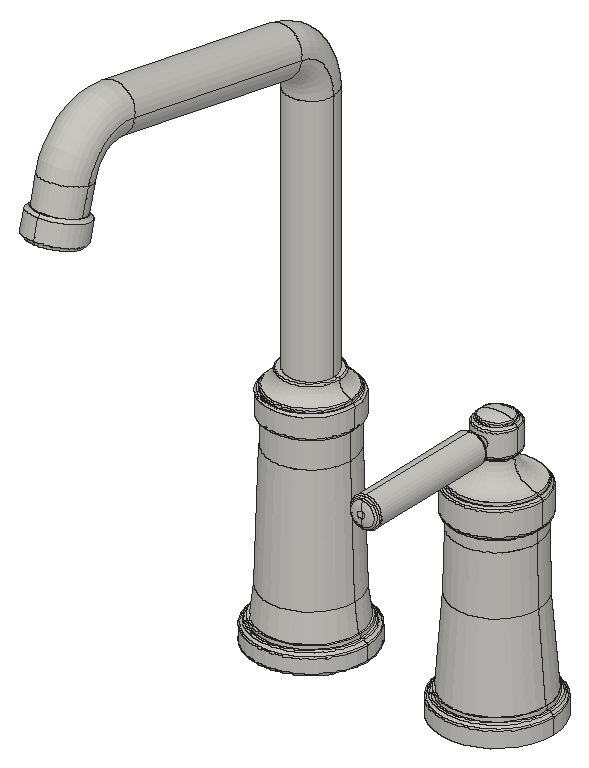
Revit family "Faucet-Bar-KALLISTA-Quincy-P25005", category Plumbing Fixtures, host Face, Revit 2022 (continued)
Definition of nested family "P25005_Handle"
  Forms (in)
    Revolve 1, solid, material <- "Material", detail levels medium+fine
      sketch origin (0, 0, 0) x (1, 0, 0) y (0, 0, 1)
        loop
          line (-0.97447, 4.40538) -> (-0.97447, 3.91465)
          arc (-0.97447, 3.91465) -> (-0.96954, 3.89908) -> (-0.95656, 3.88918) r 0.02707
          arc (-0.95656, 3.88918) -> (-0.93116, 3.86981) -> (-0.92152, 3.83935) r 0.05294
          line (-0.92152, 3.83935) -> (-0.88123, 3.83935) -> (-0.88123, 3.58149)
          arc (-0.88123, 3.58149) -> (-0.8876, 2.9511) -> (-0.9067, 2.32096) r 31.20412
          arc (-0.9067, 2.32096) -> (-0.96019, 1.41158) -> (-1.04699, 0.50477) r 24.83335
          line (-1.04699, 0.50477) -> (-1.07847, 0.50477) -> (-1.07847, 0.43478) -> (-1.13091, 0.43478)
          arc (-1.13091, 0.43478) -> (-1.14561, 0.42984) -> (-1.15436, 0.41705) r 0.02438
          arc (-1.15436, 0.41705) -> (-1.17191, 0.38366) -> (-1.20144, 0.3602) r 0.09147
          arc (-1.20144, 0.3602) -> (-1.21389, 0.34881) -> (-1.2185, 0.33259) r 0.03087
          line (-1.2185, 0.33259) -> (-1.2185, 0) -> (0, 0)
        axis (0, 0) -> (0, 5.82283)
      angle from 0 to 360
    Revolve 2, solid, material <- "Material", detail levels medium+fine
      sketch origin (0, 0, 0) x (0, 1, 0) y (0, 0, 1)
        loop
          line (-3.6378, 5.40453) -> (-0.26896, 5.40453) -> (-0.26896, 5.5412)
          arc (-0.26896, 5.5412) -> (-0.46628, 5.54328) -> (-0.62954, 5.65413) r 0.34164
          arc (-0.62954, 5.65413) -> (-0.64381, 5.66537) -> (-0.66153, 5.66937) r 0.04118
          line (-0.66153, 5.66937) -> (-0.69811, 5.66937) -> (-0.69811, 5.711)
          arc (-0.69811, 5.711) -> (-0.70406, 5.72537) -> (-0.71843, 5.73133) r 0.02032
          line (-0.71843, 5.73133) -> (-3.50936, 5.73133)
          arc (-3.50936, 5.73133) -> (-3.52681, 5.72739) -> (-3.54087, 5.71634) r 0.0406
          arc (-3.54087, 5.71634) -> (-3.55856, 5.69832) -> (-3.5793, 5.68392) r 0.13488
          arc (-3.5793, 5.68392) -> (-3.59242, 5.67342) -> (-3.60152, 5.6593) r 0.05218
          arc (-3.60152, 5.6593) -> (-3.62863, 5.57411) -> (-3.6378, 5.48518) r 0.43604
          line (-3.6378, 5.48518) -> (-3.6378, 5.40453)
        axis (-0.26896, 5.40453) -> (-3.6378, 5.40453)
      angle from 0 to 360
    Revolve 3, solid, material <- "Material", detail levels coarse
      sketch origin (0, 0, 0) x (1, 0, 0) y (0, 0, 1)
        loop
          line (0, 0) -> (0, 5.82283) -> (-0.46373, 5.82283) -> (-0.46373, 5.05682) -> (-0.36354, 5.05682)
          arc (-0.36354, 5.05682) -> (-0.49921, 4.655) -> (-0.88731, 4.48398) r 0.52588
          line (-0.88731, 4.48398) -> (-0.98481, 4.48398) -> (-0.98481, 3.83935) -> (-0.88123, 3.83935) -> (-1.05887, 0.50793) -> (-1.2185, 0.50793) -> (-1.2185, 0) -> (0, 0)
        axis (0, 0) -> (0, 5.82283)
      angle from 0 to 360
    Revolve 4, solid, material <- "Material", detail levels coarse
      sketch origin (0, 0, 0) x (0, 1, 0) y (0, 0, 1)
        loop
          line (0, 5.37992) -> (0, 5.72831) -> (-3.6378, 5.72831) -> (-3.6378, 5.37992) -> (0, 5.37992)
        axis (0, 5.37992) -> (-3.6378, 5.37992)
      angle from 0 to 360
    Extrusion 5, solid, material <- "Material", detail levels medium+fine
      sketch origin (0, 0, 0) x (1, 0, 0) y (0, 1, 0)
        loop
          circle (-0.58244, 0) r 0.07874
        loop
          circle (0.58244, 0) r 0.07874
      from 0 to 0.10391
  Cuts and joins
    joined: Revolve 3, Revolve 4
  Lines and regions (in)
    Masking region 1
      outline origin (0, 0, 0) x (1, 0, 0) y (0, 1, 0)
        loop
          arc (-0.35922, -3.51267) -> (-0.31618, -3.53827) -> (-0.29406, -3.58321) r 0.08803
          arc (-0.29406, -3.58321) -> (0, -3.6378) -> (0.29406, -3.58321) r 0.81938
          arc (0.29406, -3.58321) -> (0.31618, -3.53827) -> (0.35922, -3.51267) r 0.08803
          line (0.35922, -3.51267) -> (0.35922, -1.16435)
          arc (0.35922, -1.16435) -> (0, 1.2185) -> (-0.35922, -1.16435) r 1.2185
          line (-0.35922, -1.16435) -> (-0.35922, -3.51267)
    Masking region 2
      outline origin (0, 0, 0) x (1, 0, 0) y (0, 0, 1)
        loop
          line (0, 0) -> (1.2185, 0) -> (1.2185, 0.35678)
          arc (1.2185, 0.35678) -> (1.1728, 0.38594) -> (1.14925, 0.43478) r 0.09917
          line (1.14925, 0.43478) -> (1.07847, 0.43478) -> (1.07847, 0.50477) -> (1.04699, 0.50477)
          arc (1.04699, 0.50477) -> (0.90417, 2.17332) -> (0.88522, 3.84785) r 22.61285
          line (0.88522, 3.84785) -> (0.92889, 3.84785)
          arc (0.92889, 3.84785) -> (0.94363, 3.88343) -> (0.9792, 3.89816) r 0.05031
          line (0.9792, 3.89816) -> (0.9792, 4.43368)
          arc (0.9792, 4.43368) -> (0.94363, 4.44841) -> (0.92889, 4.48398) r 0.05031
          line (0.92889, 4.48398) -> (0.87903, 4.48398) -> (0.87903, 4.54133) -> (0.82478, 4.54133)
          arc (0.82478, 4.54133) -> (0.49661, 4.67726) -> (0.36068, 5.00543) r 0.4641
          arc (0.36068, 5.00543) -> (0.36812, 5.03604) -> (0.38876, 5.05984) r 0.06676
          arc (0.38876, 5.05984) -> (0.40889, 5.10843) -> (0.45747, 5.12855) r 0.06871
          line (0.45747, 5.12855) -> (0.45747, 5.64542)
          arc (0.45747, 5.64542) -> (0.40857, 5.66567) -> (0.38832, 5.71458) r 0.06916
          line (0.38832, 5.71458) -> (0.3495, 5.71458) -> (0.3495, 5.7491)
          arc (0.3495, 5.7491) -> (0, 5.82291) -> (-0.3495, 5.7491) r 0.86431
          line (-0.3495, 5.7491) -> (-0.3495, 5.71458) -> (-0.38832, 5.71458)
          arc (-0.38832, 5.71458) -> (-0.40857, 5.66567) -> (-0.45747, 5.64542) r 0.06916
          line (-0.45747, 5.64542) -> (-0.45747, 5.12855)
          arc (-0.45747, 5.12855) -> (-0.40889, 5.10843) -> (-0.38876, 5.05984) r 0.06871
          arc (-0.38876, 5.05984) -> (-0.36812, 5.03604) -> (-0.36068, 5.00543) r 0.06676
          arc (-0.36068, 5.00543) -> (-0.49661, 4.67726) -> (-0.82478, 4.54133) r 0.4641
          line (-0.82478, 4.54133) -> (-0.87903, 4.54133) -> (-0.87903, 4.48398) -> (-0.92889, 4.48398)
          arc (-0.92889, 4.48398) -> (-0.94363, 4.44841) -> (-0.9792, 4.43368) r 0.05031
          line (-0.9792, 4.43368) -> (-0.9792, 3.89816)
          arc (-0.9792, 3.89816) -> (-0.94363, 3.88343) -> (-0.92889, 3.84785) r 0.05031
          line (-0.92889, 3.84785) -> (-0.88522, 3.84785)
          arc (-0.88522, 3.84785) -> (-0.90417, 2.17332) -> (-1.04699, 0.50477) r 22.61285
          line (-1.04699, 0.50477) -> (-1.07847, 0.50477) -> (-1.07847, 0.43478) -> (-1.14925, 0.43478)
          arc (-1.14925, 0.43478) -> (-1.1728, 0.38594) -> (-1.2185, 0.35678) r 0.09917
          line (-1.2185, 0.35678) -> (-1.2185, 0) -> (0, 0)
    Masking region 3
      outline origin (0, 0, 0) x (0, 1, 0) y (0, 0, 1)
        loop
          line (1.2185, 0) -> (1.2185, 0.34888)
          arc (1.2185, 0.34888) -> (1.16837, 0.38193) -> (1.13532, 0.43206) r 0.14921
          line (1.13532, 0.43206) -> (1.06572, 0.43206) -> (1.06572, 0.50793) -> (1.032, 0.50793)
          arc (1.032, 0.50793) -> (0.89815, 2.09425) -> (0.87727, 3.68607) r 22.40782
          arc (0.87727, 3.68607) -> (0.87469, 3.76093) -> (0.86363, 3.83501) r 0.65869
          line (0.86363, 3.83501) -> (0.90791, 3.83501)
          arc (0.90791, 3.83501) -> (0.92489, 3.87001) -> (0.95554, 3.89396) r 0.08616
          line (0.95554, 3.89396) -> (0.95554, 4.42503)
          arc (0.95554, 4.42503) -> (0.92489, 4.44898) -> (0.90791, 4.48398) r 0.08616
          line (0.90791, 4.48398) -> (0.86363, 4.48398) -> (0.86363, 4.54133) -> (0.81635, 4.54133)
          arc (0.81635, 4.54133) -> (0.48409, 4.69193) -> (0.34818, 5.03047) r 0.48962
          line (0.34818, 5.03047) -> (0.34818, 5.06638) -> (0.38482, 5.06638)
          arc (0.38482, 5.06638) -> (0.40523, 5.11239) -> (0.45304, 5.12815) r 0.06207
          line (0.45304, 5.12815) -> (0.45304, 5.64855)
          arc (0.45304, 5.64855) -> (0.40915, 5.66673) -> (0.39097, 5.71062) r 0.06207
          line (0.39097, 5.71062) -> (0.35433, 5.71062) -> (0.35433, 5.74653)
          arc (0.35433, 5.74653) -> (0.00923, 5.82291) -> (-0.33588, 5.74653) r 0.81789
          line (-0.33588, 5.74653) -> (-0.33588, 5.71062) -> (-0.37252, 5.71062)
          arc (-0.37252, 5.71062) -> (-0.3907, 5.66673) -> (-0.43459, 5.64855) r 0.06207
          line (-0.43459, 5.64855) -> (-0.43459, 5.56515)
          arc (-0.43459, 5.56515) -> (-0.55102, 5.57134) -> (-0.62542, 5.66111) r 0.14531
          arc (-0.62542, 5.66111) -> (-0.63459, 5.67445) -> (-0.64994, 5.67959) r 0.02551
          line (-0.64994, 5.67959) -> (-0.69383, 5.67959) -> (-0.69383, 5.71147)
          arc (-0.69383, 5.71147) -> (-0.69982, 5.72594) -> (-0.71429, 5.73193) r 0.02047
          line (-0.71429, 5.73193) -> (-3.51606, 5.73193)
          arc (-3.51606, 5.73193) -> (-3.54506, 5.69298) -> (-3.58875, 5.67177) r 0.10235
          arc (-3.58875, 5.67177) -> (-3.63784, 5.3885) -> (-3.58875, 5.10524) r 0.84179
          arc (-3.58875, 5.10524) -> (-3.54506, 5.08403) -> (-3.51606, 5.04507) r 0.10235
          line (-3.51606, 5.04507) -> (-0.71429, 5.04507)
          arc (-0.71429, 5.04507) -> (-0.69982, 5.05106) -> (-0.69383, 5.06554) r 0.02047
          line (-0.69383, 5.06554) -> (-0.69383, 5.09741) -> (-0.64994, 5.09741)
          arc (-0.64994, 5.09741) -> (-0.63459, 5.10255) -> (-0.62542, 5.11589) r 0.02551
          arc (-0.62542, 5.11589) -> (-0.55102, 5.20567) -> (-0.43459, 5.21185) r 0.14531
          line (-0.43459, 5.21185) -> (-0.43459, 5.12845)
          arc (-0.43459, 5.12845) -> (-0.3907, 5.11027) -> (-0.37252, 5.06638) r 0.06207
          line (-0.37252, 5.06638) -> (-0.33588, 5.06638) -> (-0.33588, 5.03047)
          arc (-0.33588, 5.03047) -> (-0.47178, 4.69193) -> (-0.80405, 4.54133) r 0.48962
          line (-0.80405, 4.54133) -> (-0.86363, 4.54133) -> (-0.86363, 4.48398) -> (-0.90791, 4.48398)
          arc (-0.90791, 4.48398) -> (-0.92489, 4.44898) -> (-0.95554, 4.42503) r 0.08616
          line (-0.95554, 4.42503) -> (-0.95554, 3.89396)
          arc (-0.95554, 3.89396) -> (-0.92489, 3.87001) -> (-0.90791, 3.83501) r 0.08616
          line (-0.90791, 3.83501) -> (-0.86363, 3.83501)
          arc (-0.86363, 3.83501) -> (-0.87469, 3.76093) -> (-0.87727, 3.68607) r 0.65869
          arc (-0.87727, 3.68607) -> (-0.89815, 2.09425) -> (-1.032, 0.50793) r 22.40782
          line (-1.032, 0.50793) -> (-1.06572, 0.50793) -> (-1.06572, 0.43206) -> (-1.13532, 0.43206)
          arc (-1.13532, 0.43206) -> (-1.16837, 0.38193) -> (-1.2185, 0.34888) r 0.14921
          line (-1.2185, 0.34888) -> (-1.2185, 0) -> (1.2185, 0)
    symbolic lines, detail levels medium+fine
      curve 1: circle (0, 0, 0) r 0.43567 normal (0, 0, 1)
      curve 2: line (-0.35922, -1.2185, 0) -> (-0.35922, -1.06518, 0)
      curve 3: line (-0.35922, -0.69839, 0) -> (-0.00053, -0.69839, 0)
      curve 4: line (-0.30228, -0.69839, 0) -> (-0.30228, -0.63664, 0)
      curve 5: circle (0, 0, 0) r 0.34441 normal (0, 0, 1)
      curve 6: circle (0, 0, 0) r 0.3937 normal (0, 0, 1)
      curve 7: line (-0.18874, -0.48423, 0) -> (-0.18874, -0.39267, 0)
      curve 8: arc (-0.30228, -0.63664, 0) -> (-0.22025, -0.57926, 0) -> (-0.18874, -0.48423, 0) r 0.15906
      curve 9: line (-0.35922, -0.91696, 0) -> (-0.35922, -0.69839, 0)
      curve 10: arc (0.35922, -0.91696, 0) -> (0, 0.98481, 0) -> (-0.35922, -0.91696, 0) r 0.98481
      curve 11: line (0.35922, -1.2185, 0) -> (0.35922, -1.04081, 0)
      curve 12: line (0.35922, -0.69839, 0) -> (-0.00053, -0.69839, 0)
      curve 13: line (0.30228, -0.69839, 0) -> (0.30228, -0.63664, 0)
      curve 14: line (0.18874, -0.48423, 0) -> (0.18874, -0.39267, 0)
      curve 15: arc (0.30228, -0.63664, 0) -> (0.22025, -0.57926, 0) -> (0.18874, -0.48423, 0) r 0.15906
      curve 16: line (0.35922, -0.91696, 0) -> (0.35922, -0.69839, 0)
      curve 17: line (-0.29406, -3.58321, 0) -> (0.29406, -3.58321, 0)
      curve 18: line (-0.35922, -3.51267, 0) -> (0.35922, -3.51267, 0)
      curve 19: line (-0.30228, -0.63664, 0) -> (0.30228, -0.63664, 0)
      curve 20: line (-0.35922, -1.06518, 0) -> (-0.35922, -0.95214, 0)
      curve 21: line (-0.35922, -0.95214, 0) -> (-0.35922, -0.91696, 0)
      curve 22: arc (0.35922, -0.95214, 0) -> (-0.00069, 1.01765, 0) -> (-0.35794, -0.95263, 0) r 1.01766
      curve 23: line (0.35922, -0.94774, 0) -> (0.35922, -0.91696, 0)
      curve 24: arc (0.35922, -1.05946, 0) -> (0, 1.11871, 0) -> (-0.35922, -1.05946, 0) r 1.11871
      curve 25: line (0.35922, -1.04081, 0) -> (0.35922, -0.94774, 0)
      curve 26: line (-0.3495, 0, 5.7491) -> (0.3495, 0, 5.7491)
      curve 27: line (-0.3495, 0, 5.71458) -> (-0.09687, 0, 5.71458)
      curve 28: line (-0.45747, 0, 5.64542) -> (-0.22558, 0, 5.64542)
      curve 29: line (-1.04699, 0, 0.50477) -> (1.04699, 0, 0.50477)
      curve 30: line (-1.07847, 0, 0.43478) -> (1.07847, 0, 0.43478)
      curve 31: line (-1.2185, 0, 0.35678) -> (1.2185, 0, 0.35678)
      curve 32: line (-0.88522, 0, 3.84785) -> (0.88644, 0, 3.84785)
      curve 33: line (0.9792, 0, 3.89816) -> (-0.9792, 0, 3.89816)
      curve 34: line (-0.9792, 0, 4.43368) -> (0.9792, 0, 4.43368)
      curve 35: line (0.87903, 0, 4.48398) -> (-0.87903, 0, 4.48398)
      curve 36: line (-0.87903, 0, 4.54133) -> (0.82478, 0, 4.54133)
      curve 37: line (-0.38876, 0, 5.05984) -> (-0.13757, 0, 5.05984)
      curve 38: line (0.45747, 0, 5.12855) -> (0.24123, 0, 5.12855)
      curve 39: arc (0, 0, 5.72831) -> (-0.04892, 0, 5.72486) -> (-0.09687, 0, 5.71458) r 0.34839
      curve 40: arc (0, 0, 5.03153) -> (0.07023, 0, 5.03868) -> (0.13757, 0, 5.05984) r 0.34839
      curve 41: arc (-0.22558, 0, 5.64542) -> (-0.34823, 0, 5.39046) -> (-0.24123, 0, 5.12855) r 0.34839
      curve 42: arc (-0.09687, 0, 5.71458) -> (-0.16489, 0, 5.68682) -> (-0.22558, 0, 5.64542) r 0.34839
      curve 43: line (0.09687, 0, 5.71458) -> (0.35797, 0, 5.71458)
      curve 44: arc (0.09687, 0, 5.71458) -> (0.04892, 0, 5.72486) -> (0, 0, 5.72831) r 0.34839
      curve 45: line (0.22558, 0, 5.64542) -> (0.45747, 0, 5.64542)
      curve 46: arc (0.22558, 0, 5.64542) -> (0.16489, 0, 5.68682) -> (0.09687, 0, 5.71458) r 0.34839
      curve 47: arc (0.24123, 0, 5.12855) -> (0.34823, 0, 5.39046) -> (0.22558, 0, 5.64542) r 0.34839
      curve 48: arc (0.13757, 0, 5.05984) -> (0.19249, 0, 5.08953) -> (0.24123, 0, 5.12855) r 0.34839
      curve 49: line (0.13757, 0, 5.05984) -> (0.38876, 0, 5.05984)
      curve 50: arc (-0.13757, 0, 5.05984) -> (-0.07023, 0, 5.03868) -> (0, 0, 5.03153) r 0.34839
      curve 51: line (-0.24123, 0, 5.12855) -> (-0.45747, 0, 5.12855)
      curve 52: arc (-0.24123, 0, 5.12855) -> (-0.19249, 0, 5.08953) -> (-0.13757, 0, 5.05984) r 0.34839
      curve 53: circle (0, 0, 5.38078) r 0.31766 normal (0, -1, 0)
      curve 54: line (0, -3.51606, 5.73193) -> (0, -3.51606, 5.04507)
      curve 55: line (0, -3.58875, 5.67177) -> (0, -3.58875, 5.10524)
      curve 56: line (0, -0.69383, 5.67959) -> (0, -0.69383, 5.09741)
      curve 57: line (0, -0.71429, 5.73193) -> (0, -0.71429, 5.04507)
      curve 58: arc (0, -0.43459, 5.21185) -> (0, -0.37447, 5.3885) -> (0, -0.43459, 5.56515) r 0.28959
      curve 59: line (0, -0.62542, 5.66111) -> (0, -0.62542, 5.11589)
      curve 60: line (0, -0.33588, 5.74653) -> (0, 0.35433, 5.74653)
      curve 61: line (0, -0.33588, 5.71062) -> (0, 0.35433, 5.71062)
      curve 62: line (0, -0.43459, 5.64855) -> (0, 0.45304, 5.64855)
      curve 63: line (0, -0.43459, 5.12845) -> (0, 0.44689, 5.12845)
      curve 64: line (0, 0.34818, 5.06638) -> (0, -0.33588, 5.06638)
      curve 65: line (0, -0.80405, 4.54133) -> (0, 0.81635, 4.54133)
      curve 66: line (0, -0.86363, 4.48398) -> (0, 0.87903, 4.48398)
      curve 67: line (0, -0.95554, 4.42503) -> (0, 0.95554, 4.42503)
      curve 68: line (0, -0.86363, 3.83501) -> (0, 0.87803, 3.83501)
      curve 69: line (0, 0.95554, 3.89396) -> (0, -0.95554, 3.89396)
      curve 70: line (0, -1.032, 0.50793) -> (0, 1.032, 0.50793)
      curve 71: line (0, 1.06572, 0.43206) -> (0, -1.06572, 0.43206)
      curve 72: line (0, -1.2185, 0.34888) -> (0, 1.2185, 0.34888)
  Dimensions and locks (in)
    aligned and locked: level to plane 2
Types (5): name | Type | Product Page URL | Model | Finish
  (no name) | 1 | "https://www.kallista.com/products/luxury-kitchen/faucets/kitchen/quincy-deck-mount-bridge-faucet-lever-handles-p25001-00/ad-nickel-silver" | "P25005-00-AD" | Kallista-Metal-AD-Nickel_Silver
  CP-Chrome | 3 | "https://www.kallista.com/products/luxury-kitchen/faucets/kitchen/quincy-deck-mount-bridge-faucet-lever-handles-p25001-00/cp-polished-chrome" | "P25005-00-CP" | Kallista-Metal-CP-Chrome
  ULB-Unlaquered Brass | 4 | "https://www.kallista.com/products/luxury-kitchen/faucets/kitchen/quincy-deck-mount-bridge-faucet-lever-handles-p25001-00/ulb-unlacquered-brass" | "P25005-00-ULB" | Kallista-Metal-ULB-Unlaquered_Brass
  AD-Nickel Silver | 1 | "https://www.kallista.com/products/luxury-kitchen/faucets/kitchen/quincy-deck-mount-bridge-faucet-lever-handles-p25001-00/ad-nickel-silver" | "P25005-00-AD" | Kallista-Metal-AD-Nickel_Silver
  AG-Brushed Nickel | 2 | "https://www.kallista.com/products/luxury-kitchen/faucets/kitchen/quincy-deck-mount-bridge-faucet-lever-handles-p25001-00/ag-brushed-nickel" | "P25005-00-AG" | Kallista-Metal-AG-Brushed_Nickel
